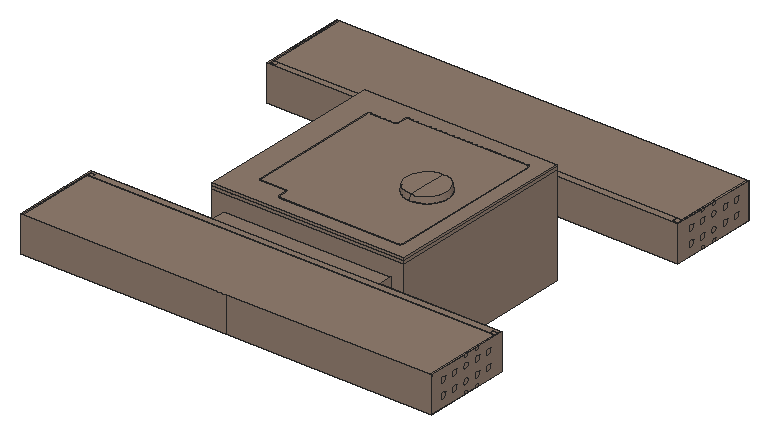
Revit family "Hydrant_Wall_Narrow-Zurn-Z1350-EZ-with_Mounting_Brackets", category Plumbing Fixtures, host Face, Revit 2022
Family settings
  Host = Face
  Round Connector Dimension = Use Radius
  Part Type = Normal
  OmniClass Number = 23.65.70.00
  OmniClass Title = Terminals for Supplied Liquids and Gases
  Cut with Voids When Loaded = No
  Maintain Annotation Orientation = No
  Shared = No
  Room Calculation Point = No
Parameters (values of type "Z1350-EZ")
  Waste Connection = 1 = 0  # no
  WFU = 0  # constant formula
  Vent Connection = 1 = 0  # no
  URL = "http://www.zurn.com"
  Product data url = "https://bimobject.com/zurnindustries/product/zurn-z1350-ez"
  Product Page URL = "http://www.zurn.com/products/building-drainage/hydrants/z1350-ez"
  Product Documentation Link = "http://www.zurn.com/media-library/web_documents/pdfs/specsheets/82523-pdf"
  Nominal Radius = 0.375"
  Modified Date = "10/17/2025"  # constant formula
  Model = "Z1327-EZ"  # constant formula
  Material secondary = ""
  Material main = ""
  Manufacturer Brand = "Zurn"  # constant formula
  Manufacturer = "Zurn Water, LLC"  # constant formula
  Installation instructions = "https://files.zurn.com/care-cleaning-install-warranty-sheets/h38.pdf"
  HWFU = 0  # constant formula
  HW Connection = 1 = 0  # no
  Description = "Narrow Wall Hydrant With Mounting Brackets Encased, Moderate Climate"  # constant formula
  Default Elevation = 48.000"
  Date Created = "10/17/2025"  # constant formula
  CWFU = 1  # constant formula
  CW Connection = 1 = 1  # yes
  Body = Bronze - Zurn - Polished
  Assembly Code = "D2020100"
Reference planes (in)
  plane 1 "Center (Front/Back)": y = 0
  plane 2: z = 0
  plane 3 "Center (Left/Right)": x = 0
  plane 4: z = -0.66797
  plane 5: z = -1.91797
  plane 6: x = 3.375
  plane 7: x = -3.375
  plane 8: z = 0.28007
  plane 9: x = 7.25
  plane 10: x = -7.25
Lines and regions (in)
  Masking region 1, detail levels fine
    outline origin (0, 0, 0) x (1, 0, 0) y (0, 0, 1)
      loop
        line (-3.375, -0.66797) -> (-7.25, -0.66797) -> (-7.25, -1.91797) -> (-3.375, -1.91797) -> (-3.375, -3.60547) -> (3.375, -3.60547) -> (3.375, -1.91797) -> (7.25, -1.91797) -> (7.25, -0.66797) -> (3.375, -0.66797) -> (3.375, 0.08203) -> (2.23857, 0.08203) -> (2.2081, 0.28007) -> (0.7919, 0.28007) -> (0.76085, 0.08203) -> (-3.375, 0.08203) -> (-3.375, -0.66797)
Dimensions and locks (in)
  nested 1 to nested 1 = 6.750"
  locked: nested 1 to nested 1 at 6.75
  aligned and locked: plane 2 to host face
  aligned and locked: level to host face
  aligned and locked: level to nested 1
  aligned and locked: Masking region 1 to plane 6  (x2)
  aligned and locked: plane 4 to Masking region 1
  aligned and locked: Masking region 1 to plane 5  (x2)
  aligned and locked: plane 7 to Masking region 1  (x2)
  aligned and locked: plane 4 to Masking region 1 sketch curve
  aligned and locked: plane 8 to Masking region 1
  aligned and locked: plane 10 to Masking region 1
  aligned and locked: plane 8 to nested 1
Nested families (in)
  nested 1: "Z1350-EZ" at (0, 0, 0.08203), type "Z1350"
Connectors (in)
  piping at (0, 3.48, -2.94922), diameter 0.75, driven by "Nominal Radius", driven by "Waste Connection"
    settings: on nested 1, index 1, connector inside diameter 609.6 mm, connector length 0.000", flow factor 0, pipe flow 0.0 L/s, pressure drop 0.0 Pa, fitting loss kfactor 0, connector angle 0.00°, fixture units 0, engagement length 0.000", angle of deflection 0.00°, flow configuration 0, flow direction 2, fitting loss method 0, system type 16, joint type 0, gender type 0, connector reference index -1, connector utility 0, adjustable connector no, is connector primary yes, connector description "Outlet"
Definition of nested family "Z1350-EZ"
  Parameters (values of type "Z1350")
    Width = 6.750"
    Width1 = 14.500"
    Material Main = none
    Default Elevation = 0.000"
  Reference planes (in)
    plane 1 "Center (Front/Back)": y = 0
    plane 2: z = 0
    plane 3 "Center (Left/Right)": x = 0
    plane 4: x = -3.375
    plane 5: x = 3.375
    plane 6: y = -3.375
    plane 7: y = 3.375
    plane 8: z = -0.16667
    plane 9: z = -2
    plane 10: x = -7.25
    plane 11: x = 7.25
    plane 12: z = -0.75
    plane 13: z = -2.375
    plane 14: z = -3.6875
    plane 15: z = -0.08203
    plane 16: z = -3.03125
    plane 17: y = 3.48
    plane 18: x = 0.65625
    plane 19: x = -0.65625
  Forms (in)
    Extrusion 1, solid, material <- "Material Main", detail levels fine
      sketch origin (0, 0, 0) x (1, 0, 0) y (0, 1, 0)
        loop
          line (-3.375, 3.375) -> (-3.375, -3.375) -> (3.375, -3.375) -> (3.375, 3.375) -> (-3.375, 3.375)
        loop
          line (-1.56223, 2.4289) -> (-2.3696, 2.4289) -> (-2.43053, 2.4289)
          arc (-2.43053, 2.4289) -> (-2.47362, 2.41105) -> (-2.49147, 2.36797) r 0.06093
          line (-2.49147, 2.36797) -> (-2.49147, 2.30703) -> (-2.49147, 0) -> (-2.49147, -2.30703) -> (-2.49147, -2.36797)
          arc (-2.49147, -2.36797) -> (-2.47362, -2.41105) -> (-2.43053, -2.4289) r 0.06093
          line (-2.43053, -2.4289) -> (-2.3696, -2.4289) -> (-1.56223, -2.4289)
          arc (-1.56223, -2.4289) -> (-1.51841, -2.4563) -> (-1.5013, -2.50507) r 0.07807
          line (-1.5013, -2.50507) -> (-1.5013, -2.7488)
          arc (-1.5013, -2.7488) -> (-1.46561, -2.83497) -> (-1.37943, -2.87067) r 0.12187
          line (-1.37943, -2.87067) -> (2.7488, -2.87067)
          arc (2.7488, -2.87067) -> (2.84052, -2.8358) -> (2.8859, -2.7488) r 0.13805
          line (2.8859, -2.7488) -> (2.8859, 0) -> (2.8859, 2.7488)
          arc (2.8859, 2.7488) -> (2.84052, 2.8358) -> (2.7488, 2.87067) r 0.13805
          line (2.7488, 2.87067) -> (-1.37943, 2.87067)
          arc (-1.37943, 2.87067) -> (-1.46561, 2.83497) -> (-1.5013, 2.7488) r 0.12187
          line (-1.5013, 2.7488) -> (-1.5013, 2.50507)
          arc (-1.5013, 2.50507) -> (-1.51841, 2.4563) -> (-1.56223, 2.4289) r 0.07807
        loop
          line (2.7488, 2.84723) -> (-1.37943, 2.84723)
          arc (-1.37943, 2.84723) -> (-1.44903, 2.8184) -> (-1.47786, 2.7488) r 0.09843
          line (-1.47786, 2.7488) -> (-1.47786, 2.50507)
          arc (-1.47786, 2.50507) -> (-1.50098, 2.44058) -> (-1.5598, 2.40546) r 0.10151
          line (-1.5598, 2.40546) -> (-2.43053, 2.40546)
          arc (-2.43053, 2.40546) -> (-2.45705, 2.39448) -> (-2.46803, 2.36797) r 0.0375
          line (-2.46803, 2.36797) -> (-2.46803, 0) -> (-2.46803, -2.36797)
          arc (-2.46803, -2.36797) -> (-2.45705, -2.39448) -> (-2.43053, -2.40546) r 0.0375
          line (-2.43053, -2.40546) -> (-1.5598, -2.40546)
          arc (-1.5598, -2.40546) -> (-1.50098, -2.44058) -> (-1.47786, -2.50507) r 0.10151
          line (-1.47786, -2.50507) -> (-1.47786, -2.7488)
          arc (-1.47786, -2.7488) -> (-1.44903, -2.8184) -> (-1.37943, -2.84723) r 0.09843
          line (-1.37943, -2.84723) -> (2.7488, -2.84723)
          arc (2.7488, -2.84723) -> (2.82398, -2.8192) -> (2.86246, -2.7488) r 0.11484
          line (2.86246, -2.7488) -> (2.86246, 0) -> (2.86246, 2.7488)
          arc (2.86246, 2.7488) -> (2.82398, 2.8192) -> (2.7488, 2.84723) r 0.11484
      from -0.16667 to 0
    Extrusion 2, solid, material <- "Material Main", detail levels fine
      sketch origin (0, 0, 0) x (1, 0, 0) y (0, 1, 0)
        loop
          line (-3.375, 3.375) -> (-3.375, -3.375) -> (3.375, -3.375) -> (3.375, 3.375) -> (-3.375, 3.375)
      from -0.16667 to -0.08203
    Extrusion 3, solid, material <- "Material Main", detail levels fine
      sketch origin (0, 0, 0) x (1, 0, 0) y (0, 1, 0)
        loop
          line (-3, 3) -> (-3, -3) -> (3, -3) -> (3, 3) -> (-3, 3)
      from -2 to -0.16667
    Extrusion 4, solid, material <- "Material Main", detail levels fine
      sketch origin (0, 0, 0) x (1, 0, 0) y (0, 1, 0)
        loop
          line (0, -3.89293) -> (-7.25, -3.89293) -> (-7.25, -6.95483) -> (-7.18907, -6.95483) -> (-7.18907, -3.95387) -> (-7.00627, -3.95387) -> (-7.00627, -4.12143) -> (0, -4.12143) -> (7.00627, -4.12143) -> (7.00627, -3.95387) -> (7.18907, -3.95387) -> (7.18907, -6.95483) -> (7.25, -6.95483) -> (7.25, -3.89293) -> (0, -3.89293)
        loop
          line (0, 3.89293) -> (7.25, 3.89293) -> (7.25, 6.95483) -> (7.18907, 6.95483) -> (7.18907, 3.95387) -> (7.00627, 3.95387) -> (7.00627, 4.12143) -> (0, 4.12143) -> (-7.00627, 4.12143) -> (-7.00627, 3.95387) -> (-7.18907, 3.95387) -> (-7.18907, 6.95483) -> (-7.25, 6.95483) -> (-7.25, 3.89293) -> (0, 3.89293)
      from -2 to -0.75
    Extrusion 5, solid, material <- "Material Main", detail levels fine
      sketch origin (0, 0, 0) x (1, 0, 0) y (0, 1, 0)
        loop
          line (-2.87803, -2.89293) -> (-2.93897, -2.89293) -> (-2.93897, -3.89293) -> (-1.93357, -3.89293) -> (-1.93357, -3.832) -> (-2.87803, -3.832) -> (-2.87803, -2.89293)
        loop
          line (2.87803, -2.89293) -> (2.87803, -3.832) -> (1.93357, -3.832) -> (1.93357, -3.89293) -> (2.93897, -3.89293) -> (2.93897, -2.89293) -> (2.87803, -2.89293)
        loop
          line (-2.87803, 2.89293) -> (-2.87803, 3.832) -> (-1.93357, 3.832) -> (-1.93357, 3.89293) -> (-2.93897, 3.89293) -> (-2.93897, 2.89293) -> (-2.87803, 2.89293)
        loop
          line (2.87803, 2.89293) -> (2.93897, 2.89293) -> (2.93897, 3.89293) -> (1.93357, 3.89293) -> (1.93357, 3.832) -> (2.87803, 3.832) -> (2.87803, 2.89293)
      from -1.89497 to -0.88803
    Extrusion 6, void
      sketch origin (0, 0, 0) x (0, 1, 0) y (0, 0, 1)
        loop
          circle (4.46757, -1.11227) r 0.12187
        loop
          circle (4.46757, -1.61497) r 0.12187
        loop
          circle (4.97027, -1.61497) r 0.12187
        loop
          circle (5.46536, -1.61497) r 0.12187
        loop
          circle (5.96806, -1.61497) r 0.12187
        loop
          circle (6.47076, -1.61497) r 0.12187
        loop
          circle (6.47076, -1.11227) r 0.12187
        loop
          circle (5.96806, -1.11227) r 0.12187
        loop
          circle (5.46536, -1.11227) r 0.12187
        loop
          circle (4.97027, -1.11227) r 0.12187
        loop
          line (4.87887, -0.75) -> (4.87887, -0.80201)
          arc (4.87887, -0.80201) -> (4.97027, -0.86884) -> (5.06167, -0.80201) r 0.09591
          line (5.06167, -0.80201) -> (5.06167, -0.75) -> (4.87887, -0.75)
        loop
          line (5.36634, -0.75) -> (5.36634, -0.80201)
          arc (5.36634, -0.80201) -> (5.46536, -0.86872) -> (5.56437, -0.80201) r 0.10684
          line (5.56437, -0.80201) -> (5.56437, -0.75) -> (5.36634, -0.75)
        loop
          line (4.87887, -2) -> (5.06167, -2) -> (5.06167, -1.94799)
          arc (5.06167, -1.94799) -> (4.97027, -1.88116) -> (4.87887, -1.94799) r 0.09591
          line (4.87887, -1.94799) -> (4.87887, -2)
        loop
          line (5.36634, -2) -> (5.56437, -2) -> (5.56437, -1.94799)
          arc (5.56437, -1.94799) -> (5.46536, -1.88128) -> (5.36634, -1.94799) r 0.10684
          line (5.36634, -1.94799) -> (5.36634, -2)
      from 7.00627 to 7.43891
    Extrusion 7, void
      sketch origin (0, 0, 0) x (0, 1, 0) y (0, 0, -1)
        loop
          circle (4.46757, 1.11227) r 0.12187
        loop
          circle (4.46757, 1.61497) r 0.12187
        loop
          circle (4.97027, 1.61497) r 0.12187
        loop
          circle (5.46536, 1.61497) r 0.12187
        loop
          circle (5.96806, 1.61497) r 0.12187
        loop
          circle (6.47076, 1.61497) r 0.12187
        loop
          circle (6.47076, 1.11227) r 0.12187
        loop
          circle (5.96806, 1.11227) r 0.12187
        loop
          circle (5.46536, 1.11227) r 0.12187
        loop
          circle (4.97027, 1.11227) r 0.12187
        loop
          line (4.87887, 0.75) -> (5.06167, 0.75) -> (5.06167, 0.80201)
          arc (5.06167, 0.80201) -> (4.97027, 0.86884) -> (4.87887, 0.80201) r 0.09591
          line (4.87887, 0.80201) -> (4.87887, 0.75)
        loop
          line (5.36634, 0.75) -> (5.56437, 0.75) -> (5.56437, 0.80201)
          arc (5.56437, 0.80201) -> (5.46536, 0.86872) -> (5.36634, 0.80201) r 0.10684
          line (5.36634, 0.80201) -> (5.36634, 0.75)
        loop
          line (4.87887, 2) -> (4.87887, 1.94799)
          arc (4.87887, 1.94799) -> (4.97027, 1.88116) -> (5.06167, 1.94799) r 0.09591
          line (5.06167, 1.94799) -> (5.06167, 2) -> (4.87887, 2)
        loop
          line (5.36634, 2) -> (5.36634, 1.94799)
          arc (5.36634, 1.94799) -> (5.46536, 1.88128) -> (5.56437, 1.94799) r 0.10684
          line (5.56437, 1.94799) -> (5.56437, 2) -> (5.36634, 2)
      from 7.00627 to 7.43891
    Extrusion 8, void
      sketch origin (0, 0, 0) x (0, -1, 0) y (0, 0, 1)
        loop
          circle (4.46757, -1.11227) r 0.12187
        loop
          circle (4.46757, -1.61497) r 0.12187
        loop
          circle (4.97027, -1.61497) r 0.12187
        loop
          circle (5.46536, -1.61497) r 0.12187
        loop
          circle (5.96806, -1.61497) r 0.12187
        loop
          circle (6.47076, -1.61497) r 0.12187
        loop
          circle (6.47076, -1.11227) r 0.12187
        loop
          circle (5.96806, -1.11227) r 0.12187
        loop
          circle (5.46536, -1.11227) r 0.12187
        loop
          circle (4.97027, -1.11227) r 0.12187
        loop
          line (4.87887, -0.75) -> (4.87887, -0.80201)
          arc (4.87887, -0.80201) -> (4.97027, -0.86884) -> (5.06167, -0.80201) r 0.09591
          line (5.06167, -0.80201) -> (5.06167, -0.75) -> (4.87887, -0.75)
        loop
          line (5.36634, -0.75) -> (5.36634, -0.80201)
          arc (5.36634, -0.80201) -> (5.46536, -0.86872) -> (5.56437, -0.80201) r 0.10684
          line (5.56437, -0.80201) -> (5.56437, -0.75) -> (5.36634, -0.75)
        loop
          line (4.87887, -2) -> (5.06167, -2) -> (5.06167, -1.94799)
          arc (5.06167, -1.94799) -> (4.97027, -1.88116) -> (4.87887, -1.94799) r 0.09591
          line (4.87887, -1.94799) -> (4.87887, -2)
        loop
          line (5.36634, -2) -> (5.56437, -2) -> (5.56437, -1.94799)
          arc (5.56437, -1.94799) -> (5.46536, -1.88128) -> (5.36634, -1.94799) r 0.10684
          line (5.36634, -1.94799) -> (5.36634, -2)
      from 7.00627 to 7.43891
    Extrusion 9, void
      sketch origin (0, 0, 0) x (0, -1, 0) y (0, 0, -1)
        loop
          circle (4.46757, 1.11227) r 0.12187
        loop
          circle (4.46757, 1.61497) r 0.12187
        loop
          circle (4.97027, 1.61497) r 0.12187
        loop
          circle (5.46536, 1.61497) r 0.12187
        loop
          circle (5.96806, 1.61497) r 0.12187
        loop
          circle (6.47076, 1.61497) r 0.12187
        loop
          circle (6.47076, 1.11227) r 0.12187
        loop
          circle (5.96806, 1.11227) r 0.12187
        loop
          circle (5.46536, 1.11227) r 0.12187
        loop
          circle (4.97027, 1.11227) r 0.12187
        loop
          line (4.87887, 0.75) -> (5.06167, 0.75) -> (5.06167, 0.80201)
          arc (5.06167, 0.80201) -> (4.97027, 0.86884) -> (4.87887, 0.80201) r 0.09591
          line (4.87887, 0.80201) -> (4.87887, 0.75)
        loop
          line (5.36634, 0.75) -> (5.56437, 0.75) -> (5.56437, 0.80201)
          arc (5.56437, 0.80201) -> (5.46536, 0.86872) -> (5.36634, 0.80201) r 0.10684
          line (5.36634, 0.80201) -> (5.36634, 0.75)
        loop
          line (4.87887, 2) -> (4.87887, 1.94799)
          arc (4.87887, 1.94799) -> (4.97027, 1.88116) -> (5.06167, 1.94799) r 0.09591
          line (5.06167, 1.94799) -> (5.06167, 2) -> (4.87887, 2)
        loop
          line (5.36634, 2) -> (5.36634, 1.94799)
          arc (5.36634, 1.94799) -> (5.46536, 1.88128) -> (5.56437, 1.94799) r 0.10684
          line (5.56437, 1.94799) -> (5.56437, 2) -> (5.36634, 2)
      from 7.00627 to 7.43891
    Revolve 10, solid, material <- "Material Main", detail levels fine
      sketch origin (0, 0, 0) x (0, 1, 0) y (0, 0, 1)
        loop
          line (3.48, -2.375) -> (2.48983, -2.375)
          arc (2.48983, -2.375) -> (2.40887, -2.40542) -> (2.36797, -2.48163) r 0.12295
          line (2.36797, -2.48163) -> (2.36797, -3.03125) -> (2.4827, -3.03125) -> (2.4827, -2.65625) -> (3.48, -2.65625) -> (3.48, -2.375)
        axis (2.36797, -3.03125) -> (3.48, -3.03125)
      angle from 0 to 360
    Revolve 11, solid, material <- "Material Main", detail levels fine
      sketch origin (0, 0, 0.00977) x (0, 1, 0) y (0, 0, 1)
        loop
          line (1.4235, -2.9106) -> (1.4235, -3.16195) -> (2.36797, -3.16195) -> (2.36797, -2.9106) -> (1.4235, -2.9106)
        axis (1.4235, -3.16195) -> (2.36797, -3.16195)
      angle from 0 to 360
    Extrusion 12, solid, material <- "Material Main", detail levels fine
      sketch origin (0.01562, 0, 0) x (1, 0, 0) y (0, 1, 0)
        loop
          line (0, 2.12423) -> (-1.1493, 2.12423)
          arc (-1.1493, 2.12423) -> (-1.30301, 2.06525) -> (-1.3778, 1.91858) r 0.22977
          line (-1.3778, 1.91858) -> (-1.3778, 0) -> (-1.3778, -1.91858)
          arc (-1.3778, -1.91858) -> (-1.30301, -2.06525) -> (-1.1493, -2.12423) r 0.22977
          line (-1.1493, -2.12423) -> (0, -2.12423) -> (1.1493, -2.12423)
          arc (1.1493, -2.12423) -> (1.30301, -2.06525) -> (1.3778, -1.91858) r 0.22977
          line (1.3778, -1.91858) -> (1.3778, 0) -> (1.3778, 1.91858)
          arc (1.3778, 1.91858) -> (1.30301, 2.06525) -> (1.1493, 2.12423) r 0.22977
          line (1.1493, 2.12423) -> (0, 2.12423)
      from -3.43913 to -2
    Revolve 13, solid, material <- "Material Main", detail levels fine
      sketch origin (1.5, 0, 0) x (0, 1, 0) y (0, 0, 1)
        loop
          line (-0.7081, 0.19803) -> (-0.73857, 0) -> (-0.73857, -0.11092) -> (0, -0.11092) -> (0, 0.19803) -> (-0.7081, 0.19803)
        axis (0, -0.11092) -> (0, 0.19803)
      angle from 0 to 360
    Extrusion 14, solid, material <- "Material Main", detail levels fine
      sketch origin (0, 0, 0) x (1, 0, 0) y (0, 1, 0)
        loop
          line (0, 4.12143) -> (-7.18907, 4.12143) -> (-7.18907, 6.95483) -> (-7.25, 6.95483) -> (-7.25, 3.89293) -> (0, 3.89293) -> (7.25, 3.89293) -> (7.25, 6.95483) -> (7.18907, 6.95483) -> (7.18907, 4.12143) -> (0, 4.12143)
        loop
          line (0, -4.12143) -> (7.18907, -4.12143) -> (7.18907, -6.95483) -> (7.25, -6.95483) -> (7.25, -3.89293) -> (0, -3.89293) -> (-7.25, -3.89293) -> (-7.25, -6.95483) -> (-7.18907, -6.95483) -> (-7.18907, -4.12143) -> (0, -4.12143)
      from -2 to -0.75
    Extrusion 15, solid, material <- "Material Main", detail levels fine
      sketch origin (0, 0, 0) x (1, 0, 0) y (0, 1, 0)
        loop
          line (-3.375, 3.375) -> (-3.375, -3.375) -> (3.375, -3.375) -> (3.375, 3.375) -> (-3.375, 3.375)
      from -0.16667 to 0
    Extrusion 16, solid, material <- "Material Main", detail levels fine
      sketch origin (0, 0, 0) x (1, 0, 0) y (0, 1, 0)
        loop
          line (-2.93897, 3.375) -> (0, 3.375) -> (2.93897, 3.375) -> (2.93897, 3.89293) -> (7.25, 3.89293) -> (7.25, 6.98963) -> (0, 6.98963) -> (-7.25, 6.98963) -> (-7.25, 3.89293) -> (-2.93897, 3.89293) -> (-2.93897, 3.375)
        loop
          line (-2.93897, -3.375) -> (-2.93897, -3.89293) -> (-7.25, -3.89293) -> (-7.25, -6.98963) -> (0, -6.98963) -> (7.25, -6.98963) -> (7.25, -3.89293) -> (2.93897, -3.89293) -> (2.93897, -3.375) -> (0, -3.375) -> (-2.93897, -3.375)
      from -2 to -0.75
    Extrusion 17, solid, material <- "Material Main", detail levels fine
      sketch origin (0, 0, 0) x (1, 0, 0) y (0, 1, 0)
        loop
          line (-3.375, 3.375) -> (-3.375, -3.375) -> (3.375, -3.375) -> (3.375, 3.375) -> (-3.375, 3.375)
      from -3.6875 to 0
    Extrusion 18, solid, material <- "Material Main", detail levels fine
      sketch origin (0, 0, 0) x (1, 0, 0) y (0, 0, 1)
        loop
          circle (0, -3.03125) r 0.65625
      from -2.4289 to -3.48
  Cuts and joins
    Extrusion 7, Extrusion 8, Extrusion 9 cuts Extrusion 3
    joined: Extrusion 2, Extrusion 3, Revolve 10, Revolve 11, Extrusion 12
    Extrusion 6, Extrusion 7, Extrusion 8, Extrusion 9 cuts Extrusion 4
    Extrusion 7, Extrusion 8, Extrusion 9 cuts Extrusion 5
  Lines and regions (in)
    Masking region 1, detail levels coarse
      outline origin (0, 0, 0) x (1, 0, 0) y (0, 0, 1)
        loop
          line (-3.375, -3.6875) -> (0, -3.6875) -> (3.375, -3.6875) -> (3.375, -2) -> (7.25, -2) -> (7.25, -0.75) -> (3.375, -0.75) -> (3.375, 0) -> (2.23857, 0) -> (2.2081, 0.19803) -> (0.7919, 0.19803) -> (0.76143, 0) -> (-3.375, 0) -> (-3.375, -0.75) -> (-7.25, -0.75) -> (-7.25, -2) -> (-3.375, -2) -> (-3.375, -3.6875)
    Masking region 2, detail levels medium+fine
      outline origin (0, 0, 0) x (1, 0, 0) y (0, 0, 1)
        loop
          line (-1.36218, -2) -> (-1.36218, -3.43913) -> (-0.5141, -3.43913)
          arc (-0.5141, -3.43913) -> (-0.28548, -3.62215) -> (0, -3.6875) r 0.65625
          arc (0, -3.6875) -> (0.28548, -3.62215) -> (0.5141, -3.43913) r 0.65625
          line (0.5141, -3.43913) -> (1.39343, -3.43913) -> (1.39343, -2) -> (7.25, -2) -> (7.25, -0.75) -> (3, -0.75) -> (3, -0.16667) -> (3.375, -0.16667) -> (3.375, 0) -> (2.23857, 0) -> (2.2081, 0.19803) -> (0.7919, 0.19803) -> (0.76143, 0) -> (-3.375, 0) -> (-3.375, -0.16667) -> (-3, -0.16667) -> (-3, -0.75) -> (-7.25, -0.75) -> (-7.25, -2) -> (-1.36218, -2)
    symbolic lines, detail levels coarse
      curve 1: line (0.39772, 0, 0) -> (2.39772, 0, 0)
    model lines
      curve 2: line (0, 0, 0) -> (0, 0, -3.03125)
      curve 3: line (0, 0, -3.03125) -> (0, 3.48, -3.03125)
      curve 4: line (0.65625, 3.48, -3.03125) -> (-0.65625, 3.48, -3.03125)
      curve 5: line (0, 3.48, -2.375) -> (0, 3.48, -3.6875)
      curve 6: line (-3.375, 3.375, 0) -> (3.375, 3.375, 0)
      curve 7: line (3.375, 3.375, 0) -> (3.375, -3.375, 0)
      curve 8: line (-3.375, 3.375, 0) -> (-3.375, -3.375, 0)
      curve 9: line (-3.375, -3.375, 0) -> (3.375, -3.375, 0)
  Dimensions and locks (in)
    equal spacing: plane 4, plane 3 "Center (Left/Right)", plane 5
    equal spacing: plane 7, plane 1 "Center (Front/Back)", plane 6
    "Width": plane 7 to plane 6
    "Width": plane 4 to plane 5
    locked: plane 2 to plane 8 at 0.16667
    locked: Extrusion 3 sketch curve to plane 3 "Center (Left/Right)" at 3
    locked: plane 3 "Center (Left/Right)" to Extrusion 3 sketch curve at 3
    plane 1 "Center (Front/Back)" to Extrusion 3 sketch curve = 3.000"
    Extrusion 3 sketch curve to plane 1 "Center (Front/Back)" = 3.000"
    locked: plane 2 to plane 9 at 2
    equal spacing: plane 10, plane 3 "Center (Left/Right)", plane 11
    "Width1": plane 10 to plane 11
    locked: plane 2 to plane 12 at 0.75
    locked: plane 2 to plane 14 at 3.6875
    locked: plane 2 to plane 13 at 2.375
    locked: level to plane 15 at 0.08203
    locked: plane 14 to plane 16 at 0.65625
    aligned and locked: plane 4 to Extrusion 1 sketch curve
    aligned and locked: Extrusion 1 sketch curve to plane 5
    aligned and locked: Extrusion 1 sketch curve to plane 7
    aligned and locked: plane 6 to Extrusion 1 sketch curve
    aligned and locked: plane 2 to Extrusion 1
    aligned and locked: Extrusion 2 sketch curve to Extrusion 1  (x4)
    aligned and locked: plane 8 to Extrusion 1
    aligned and locked: plane 8 to Extrusion 2
    aligned and locked: Extrusion 3 to plane 9
    aligned and locked: Extrusion 3 to plane 8
    aligned and locked: Extrusion 4 sketch curve to plane 10
    aligned and locked: Extrusion 4 sketch curve to plane 11
    aligned and locked: Extrusion 4 to plane 9
    aligned and locked: plane 12 to Extrusion 4
    aligned and locked: plane 13 to Revolve 10 sketch curve
    aligned and locked: Extrusion 14 to plane 9
    aligned and locked: plane 12 to Extrusion 14
    aligned and locked: Extrusion 15 to Extrusion 1
    aligned and locked: level to Extrusion 15
    aligned and locked: level to curve 2
    aligned and locked: plane 16 to curve 2
    aligned and locked: plane 3 "Center (Left/Right)" to curve 2
    aligned and locked: plane 1 "Center (Front/Back)" to curve 3
    aligned and locked: Extrusion 18 to curve 3
    aligned and locked: curve 3 to plane 16
    aligned and locked: Extrusion 18 to plane 17
    aligned and locked: plane 18 to curve 4
    aligned and locked: plane 19 to curve 4
    aligned and locked: curve 4 to plane 16
    aligned and locked: plane 13 to curve 5
    aligned and locked: plane 14 to curve 5
    aligned and locked: curve 5 to plane 17
    aligned and locked: curve 6 to plane 7
    aligned and locked: plane 7 to curve 7
    aligned and locked: plane 6 to curve 7
    aligned and locked: curve 7 to plane 5
    aligned and locked: curve 8 to plane 4
    aligned and locked: plane 4 to curve 9
    aligned and locked: plane 5 to curve 9
    aligned and locked: curve 9 to plane 6
  Automatic sketch dimensions
    Extrusion 1 sketch curve to Extrusion 1 sketch curve = 0.000"  (x15)
    plane 1 "Center (Front/Back)" to Extrusion 1 sketch curve = 0.000"  (x4)
    plane 4 to Extrusion 1 sketch curve = 0.88353"
    Extrusion 1 sketch curve to Extrusion 1 sketch curve = 0.02344"  (x2)
    Extrusion 1 sketch curve to Extrusion 1 sketch curve = 0.0375"  (x2)
    Extrusion 1 sketch curve to Extrusion 1 sketch curve = 0.06093"  (x4)
    Extrusion 1 sketch curve to Extrusion 1 sketch curve = 0.79023"  (x2)
    Extrusion 1 sketch curve to Extrusion 1 sketch curve = 0.01714"  (x2)
    Extrusion 1 sketch curve to Extrusion 1 sketch curve = 0.00243"  (x2)
    Extrusion 1 sketch curve to Extrusion 1 sketch curve = 0.07807"  (x2)
    Extrusion 1 sketch curve to Extrusion 1 sketch curve = 0.09843"  (x3)
    Extrusion 1 sketch curve to plane 5 = 0.6262"  (x2)
    Extrusion 1 sketch curve to Extrusion 1 sketch curve = 0.11366"
    plane 6 to Extrusion 1 sketch curve = 0.50433"
    Extrusion 1 sketch curve to Extrusion 1 sketch curve = 0.24373"
    Extrusion 1 sketch curve to plane 7 = 1.06797"
    Extrusion 1 sketch curve to plane 7 = 0.64261"
    Extrusion 1 sketch curve to Extrusion 1 sketch curve = 0.00023"
    Extrusion 1 sketch curve to Extrusion 1 sketch curve = 0.01619"
    Extrusion 4 sketch curve to plane 10 = 0.000"
    Extrusion 4 sketch curve to plane 3 "Center (Left/Right)" = 0.000"  (x4)
    Extrusion 4 sketch curve to plane 11 = 0.000"
    plane 10 to Extrusion 4 sketch curve = 0.06093"  (x2)
    plane 10 to Extrusion 4 sketch curve = 0.24373"  (x2)
    Extrusion 4 sketch curve to plane 11 = 0.24373"  (x2)
    Extrusion 4 sketch curve to plane 11 = 0.06093"  (x2)
    Extrusion 4 sketch curve to plane 6 = 3.57983"  (x2)
    Extrusion 4 sketch curve to plane 6 = 0.74643"
    Extrusion 4 sketch curve to Extrusion 4 sketch curve = 0.16757"  (x2)
    Extrusion 4 sketch curve to Extrusion 4 sketch curve = 0.06093"  (x3)
    plane 7 to Extrusion 4 sketch curve = 0.51793"
    Extrusion 4 sketch curve to Extrusion 4 sketch curve = 0.2285"
    Extrusion 4 sketch curve to Extrusion 4 sketch curve = 2.8334"  (x2)
    plane 4 to Extrusion 5 sketch curve = 0.43603"  (x2)
    Extrusion 5 sketch curve to Extrusion 5 sketch curve = 0.06093"  (x8)
    Extrusion 5 sketch curve to Extrusion 5 sketch curve = 0.94447"  (x2)
    Extrusion 5 sketch curve to plane 6 = 0.457"  (x2)
    plane 7 to Extrusion 5 sketch curve = 0.457"  (x2)
    Extrusion 5 sketch curve to plane 5 = 1.44143"  (x2)
    Extrusion 5 sketch curve to plane 5 = 0.49697"  (x2)
    plane 6 to Extrusion 5 sketch curve = 0.48207"  (x2)
    Extrusion 5 sketch curve to plane 7 = 0.48207"  (x2)
    Extrusion 6 sketch curve to plane 9 = 0.000"  (x2)
    Extrusion 6 sketch curve to plane 12 = 0.000"  (x2)
    plane 9 to Extrusion 6 sketch curve = 0.38503"  (x3)
    plane 7 to Extrusion 6 sketch curve = 1.09257"
    Extrusion 6 sketch curve to Extrusion 6 sketch curve = 0.000"  (x3)
    Extrusion 6 sketch curve to Extrusion 6 sketch curve = 0.4113"  (x2)
    Extrusion 6 sketch curve to plane 12 = 0.05201"  (x3)
    Extrusion 6 sketch curve to Extrusion 6 sketch curve = 0.0914"  (x5)
    plane 9 to Extrusion 6 sketch curve = 0.02293"
    Extrusion 6 sketch curve to plane 12 = 0.02293"
    plane 9 to Extrusion 6 sketch curve = 0.05201"  (x2)
    Extrusion 6 sketch curve to Extrusion 6 sketch curve = 0.30467"  (x2)
    Extrusion 6 sketch curve to Extrusion 6 sketch curve = 0.09902"  (x6)
    plane 9 to Extrusion 6 sketch curve = 0.01188"
    Extrusion 6 sketch curve to plane 12 = 0.01188"
    Extrusion 6 sketch curve to Extrusion 6 sketch curve = 0.5027"  (x2)
    Extrusion 6 sketch curve to Extrusion 6 sketch curve = 0.33302"  (x2)
    Extrusion 6 sketch curve to plane 12 = 0.36227"  (x3)
    Extrusion 6 sketch curve to Extrusion 6 sketch curve = 0.31027"  (x2)
    Extrusion 7 sketch curve to plane 9 = 0.000"  (x2)
    Extrusion 7 sketch curve to plane 12 = 0.000"  (x2)
    plane 9 to Extrusion 7 sketch curve = 0.38503"  (x3)
    plane 7 to Extrusion 7 sketch curve = 1.09257"
    Extrusion 7 sketch curve to Extrusion 7 sketch curve = 0.000"  (x3)
    Extrusion 7 sketch curve to Extrusion 7 sketch curve = 0.4113"  (x2)
    Extrusion 7 sketch curve to plane 12 = 0.05201"  (x3)
    Extrusion 7 sketch curve to Extrusion 7 sketch curve = 0.0914"  (x5)
    plane 9 to Extrusion 7 sketch curve = 0.02293"
    Extrusion 7 sketch curve to plane 12 = 0.02293"
    plane 9 to Extrusion 7 sketch curve = 0.05201"  (x2)
    Extrusion 7 sketch curve to Extrusion 7 sketch curve = 0.30467"  (x2)
    Extrusion 7 sketch curve to Extrusion 7 sketch curve = 0.09902"  (x6)
    plane 9 to Extrusion 7 sketch curve = 0.01188"
    Extrusion 7 sketch curve to plane 12 = 0.01188"
    Extrusion 7 sketch curve to Extrusion 7 sketch curve = 0.5027"  (x2)
    Extrusion 7 sketch curve to plane 12 = 0.36227"  (x3)
    Extrusion 7 sketch curve to Extrusion 7 sketch curve = 0.31027"  (x2)
    Extrusion 7 sketch curve to Extrusion 7 sketch curve = 0.33302"  (x2)
    Extrusion 8 sketch curve to plane 9 = 0.000"  (x2)
    Extrusion 8 sketch curve to plane 12 = 0.000"  (x2)
    plane 9 to Extrusion 8 sketch curve = 0.38503"  (x3)
    Extrusion 8 sketch curve to plane 6 = 1.09257"
    Extrusion 8 sketch curve to Extrusion 8 sketch curve = 0.000"  (x3)
    Extrusion 8 sketch curve to Extrusion 8 sketch curve = 0.4113"  (x2)
    Extrusion 8 sketch curve to plane 12 = 0.05201"  (x3)
    Extrusion 8 sketch curve to Extrusion 8 sketch curve = 0.0914"  (x5)
    plane 9 to Extrusion 8 sketch curve = 0.02293"
    Extrusion 8 sketch curve to plane 12 = 0.02293"
    plane 9 to Extrusion 8 sketch curve = 0.05201"  (x2)
    Extrusion 8 sketch curve to Extrusion 8 sketch curve = 0.30467"  (x2)
    Extrusion 8 sketch curve to Extrusion 8 sketch curve = 0.09902"  (x6)
    plane 9 to Extrusion 8 sketch curve = 0.01188"
    Extrusion 8 sketch curve to plane 12 = 0.01188"
    Extrusion 8 sketch curve to Extrusion 8 sketch curve = 0.5027"  (x2)
    Extrusion 8 sketch curve to Extrusion 8 sketch curve = 0.33302"  (x2)
    Extrusion 8 sketch curve to plane 12 = 0.36227"  (x3)
    Extrusion 8 sketch curve to Extrusion 8 sketch curve = 0.31027"  (x2)
    Extrusion 9 sketch curve to plane 9 = 0.000"  (x2)
    Extrusion 9 sketch curve to plane 12 = 0.000"  (x2)
    plane 9 to Extrusion 9 sketch curve = 0.38503"  (x3)
    Extrusion 9 sketch curve to plane 6 = 1.09257"
    Extrusion 9 sketch curve to Extrusion 9 sketch curve = 0.000"  (x3)
    Extrusion 9 sketch curve to Extrusion 9 sketch curve = 0.4113"  (x2)
    Extrusion 9 sketch curve to plane 12 = 0.05201"  (x3)
    Extrusion 9 sketch curve to Extrusion 9 sketch curve = 0.0914"  (x5)
    plane 9 to Extrusion 9 sketch curve = 0.02293"
    Extrusion 9 sketch curve to plane 12 = 0.02293"
    plane 9 to Extrusion 9 sketch curve = 0.05201"  (x2)
    Extrusion 9 sketch curve to Extrusion 9 sketch curve = 0.30467"  (x2)
    Extrusion 9 sketch curve to Extrusion 9 sketch curve = 0.09902"  (x6)
    plane 9 to Extrusion 9 sketch curve = 0.01188"
    Extrusion 9 sketch curve to plane 12 = 0.01188"
    Extrusion 9 sketch curve to Extrusion 9 sketch curve = 0.5027"  (x2)
    Extrusion 9 sketch curve to plane 12 = 0.36227"  (x3)
    Extrusion 9 sketch curve to Extrusion 9 sketch curve = 0.31027"  (x2)
    Extrusion 9 sketch curve to Extrusion 9 sketch curve = 0.33302"  (x2)
    Revolve 10 sketch curve to plane 13 = 0.10663"
    Revolve 10 sketch curve to plane 7 = 1.00703"
    Revolve 10 sketch curve to Revolve 10 sketch curve = 0.11473"
    Revolve 10 sketch curve to Revolve 10 sketch curve = 0.12187"
    plane 7 to Revolve 10 sketch curve = 0.105"
    Revolve 10 sketch curve to Revolve 10 sketch curve = 0.1583"
    Revolve 10 sketch curve to Revolve 10 sketch curve = 0.375"
    Revolve 10 sketch curve to Revolve 10 sketch curve = 0.13305"
    plane 7 to Revolve 10 sketch curve = 0.60992"
    Revolve 10 sketch curve to Revolve 10 sketch curve = 0.000"
    Revolve 11 sketch curve to plane 13 = 0.52583"
    Revolve 11 sketch curve to plane 1 "Center (Front/Back)" = 1.4235"
    Revolve 11 sketch curve to Revolve 11 sketch curve = 0.94447"
    Revolve 11 sketch curve to Revolve 11 sketch curve = 0.25135"
    Revolve 11 sketch curve to Revolve 11 sketch curve = 0.39232"
    Revolve 11 sketch curve to Revolve 11 sketch curve = 0.15952"
    Revolve 11 sketch curve to Revolve 11 sketch curve = 0.000"
    plane 1 "Center (Front/Back)" to Extrusion 12 sketch curve = 0.000"  (x2)
    plane 3 "Center (Left/Right)" to Extrusion 12 sketch curve = 0.01562"  (x2)
    Extrusion 12 sketch curve to plane 3 "Center (Left/Right)" = 1.13368"  (x2)
    Extrusion 12 sketch curve to plane 3 "Center (Left/Right)" = 1.36218"
    plane 3 "Center (Left/Right)" to Extrusion 12 sketch curve = 1.16493"  (x2)
    Extrusion 12 sketch curve to Extrusion 12 sketch curve = 0.2285"
    plane 6 to Extrusion 12 sketch curve = 1.48054"
    plane 1 "Center (Front/Back)" to Extrusion 12 sketch curve = 1.89446"
    Extrusion 12 sketch curve to Extrusion 12 sketch curve = 0.02412"  (x2)
    Extrusion 12 sketch curve to plane 7 = 1.48054"
    Extrusion 12 sketch curve to plane 1 "Center (Front/Back)" = 1.89446"
    Revolve 13 sketch curve to level = 0.000"  (x2)
    Revolve 13 sketch curve to plane 1 "Center (Front/Back)" = 0.000"  (x2)
    level to Revolve 13 sketch curve = 0.19803"
    plane 1 "Center (Front/Back)" to Revolve 13 sketch curve = 0.7081"
    Revolve 13 sketch curve to level = 0.11092"
    Revolve 13 sketch curve to Revolve 13 sketch curve = 0.03047"
    Revolve 13 sketch curve to Revolve 13 sketch curve = 0.16747"
    Extrusion 14 sketch curve to plane 10 = 0.000"  (x2)
    Extrusion 14 sketch curve to plane 3 "Center (Left/Right)" = 0.000"  (x4)
    Extrusion 14 sketch curve to plane 11 = 0.000"  (x2)
    plane 10 to Extrusion 14 sketch curve = 0.06093"  (x2)
    Extrusion 14 sketch curve to Extrusion 14 sketch curve = 0.06093"
    Extrusion 14 sketch curve to plane 11 = 0.06093"
    Extrusion 14 sketch curve to plane 6 = 3.57983"  (x2)
    Extrusion 14 sketch curve to plane 6 = 0.74643"
    Extrusion 14 sketch curve to Extrusion 14 sketch curve = 0.2285"  (x2)
    plane 7 to Extrusion 14 sketch curve = 0.51793"
    Extrusion 14 sketch curve to Extrusion 14 sketch curve = 2.8334"  (x2)
    Extrusion 15 sketch curve to plane 4 = 0.000"
    Extrusion 15 sketch curve to plane 5 = 0.000"
    Extrusion 15 sketch curve to plane 6 = 0.000"
    Extrusion 15 sketch curve to plane 7 = 0.000"
    Extrusion 16 sketch curve to plane 10 = 0.000"  (x2)
    Extrusion 16 sketch curve to plane 6 = 0.000"
    Extrusion 16 sketch curve to plane 7 = 0.000"
    Extrusion 16 sketch curve to plane 3 "Center (Left/Right)" = 0.000"  (x4)
    Extrusion 16 sketch curve to plane 11 = 0.000"  (x2)
    plane 4 to Extrusion 16 sketch curve = 0.43603"  (x2)
    Extrusion 16 sketch curve to plane 5 = 0.43603"  (x2)
    Extrusion 16 sketch curve to Extrusion 16 sketch curve = 0.51793"
    Extrusion 16 sketch curve to plane 6 = 0.51793"
    Extrusion 16 sketch curve to plane 6 = 3.61463"
    plane 7 to Extrusion 16 sketch curve = 0.51793"  (x2)
    Extrusion 16 sketch curve to Extrusion 16 sketch curve = 3.09669"
    Extrusion 17 sketch curve to plane 4 = 0.000"
    Extrusion 17 sketch curve to plane 5 = 0.000"
    Extrusion 17 sketch curve to plane 6 = 0.000"
    Extrusion 17 sketch curve to plane 7 = 0.000"
    Extrusion 18 sketch curve to Extrusion 18 sketch curve = 0.000"  (x2)
    Extrusion 18 sketch curve to plane 3 "Center (Left/Right)" = 0.000"
    Extrusion 18 sketch curve to plane 14 = 0.000"
    Extrusion 18 sketch curve to plane 13 = 0.000"
    Masking region 1 sketch curve to plane 10 = 0.000"
    Masking region 1 sketch curve to plane 4 = 0.000"  (x2)
    Masking region 1 sketch curve to plane 3 "Center (Left/Right)" = 0.000"
    Masking region 1 sketch curve to level = 0.000"  (x2)
    Masking region 1 sketch curve to plane 5 = 0.000"  (x2)
    Masking region 1 sketch curve to plane 9 = 0.000"  (x2)
    Masking region 1 sketch curve to plane 11 = 0.000"
    Masking region 1 sketch curve to plane 14 = 0.000"
    Masking region 1 sketch curve to plane 12 = 0.000"  (x2)
    plane 3 "Center (Left/Right)" to Masking region 1 sketch curve = 0.76143"
    Masking region 1 sketch curve to Masking region 1 sketch curve = 0.03047"  (x2)
    level to Masking region 1 sketch curve = 0.19803"
    Masking region 1 sketch curve to plane 5 = 1.1669"
    Masking region 2 sketch curve to Masking region 2 sketch curve = 0.000"
    Masking region 2 sketch curve to plane 9 = 0.000"  (x2)
    Masking region 2 sketch curve to plane 10 = 0.000"
    Masking region 2 sketch curve to level = 0.000"  (x2)
    Masking region 2 sketch curve to plane 4 = 0.000"
    Masking region 2 sketch curve to plane 12 = 0.000"  (x2)
    Masking region 2 sketch curve to plane 8 = 0.000"  (x2)
    Masking region 2 sketch curve to plane 3 "Center (Left/Right)" = 0.000"
    Masking region 2 sketch curve to plane 5 = 0.000"
    Masking region 2 sketch curve to plane 11 = 0.000"
    Masking region 2 sketch curve to plane 14 = 0.000"
    plane 4 to Masking region 2 sketch curve = 0.375"
    plane 14 to Masking region 2 sketch curve = 0.24837"  (x2)
    Masking region 2 sketch curve to plane 3 "Center (Left/Right)" = 1.36218"
    plane 3 "Center (Left/Right)" to Masking region 2 sketch curve = 0.5141"
    plane 3 "Center (Left/Right)" to Masking region 2 sketch curve = 0.76143"
    Masking region 2 sketch curve to Masking region 2 sketch curve = 0.03047"  (x2)
    plane 3 "Center (Left/Right)" to Masking region 2 sketch curve = 1.39343"
    level to Masking region 2 sketch curve = 0.19803"
    Masking region 2 sketch curve to plane 5 = 1.1669"
    Masking region 2 sketch curve to Masking region 2 sketch curve = 0.375"
    curve 1 to plane 5 = 0.97728"
    curve 1 to level = 0.000"
    plane 3 "Center (Left/Right)" to curve 1 = 0.39772"
    radius of Extrusion 6 sketch curve = 0.12187"  (x10)
    radius of Extrusion 7 sketch curve = 0.12187"  (x10)
    radius of Extrusion 8 sketch curve = 0.12187"  (x10)
    radius of Extrusion 9 sketch curve = 0.12187"  (x10)
